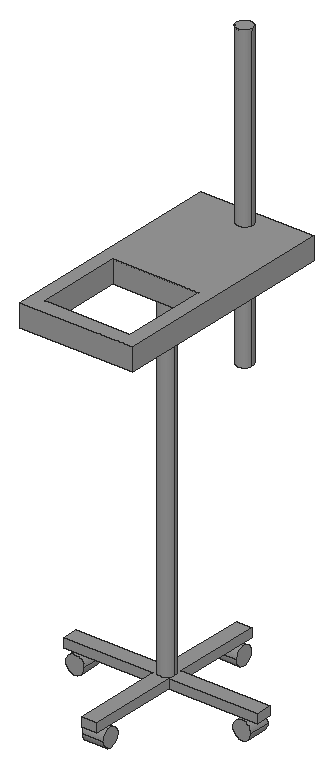
Revit family "AVLN_Подставка для стерилизационных коробок", category Мебель, Revit 2019
Family settings
  Номер OmniClass = 23.40.20.00
  Заголовок OmniClass = General Furniture and Specialties
  На основе рабочей плоскости = Нет
  Всегда вертикально = Да
  При загрузке вырезать с полостями = Нет
  Общий = Нет
  Точка расчета площади = Нет
Parameters (values of type "Подставка для стерилизацонных коробок")
  Подставка ширина = 250 mm
  Подставка длина = 500 mm
  Description = ""
  О1 = 35 mm  # constant formula
  М.основы = Металл, окрашенный, белый, матовый
  Type Comments = ""
  Keynote = ""
  Manufacturer = ""
  Группа модели = "Оборудование поликлиники"
  Высота штатива = 810 mm
  ADSK_Размер_Ширина = 430 mm
  ADSK_Размер_Длина = ADSK_Размер_Ширина  # 430 mm
  ADSK_Размер_Высота = 1250 mm
  ADSK_Примечание [instance] = ""
  ADSK_Обозначение = ""
  ADSK_Наименование = "Подставка для стерилизацонных коробок. Изготовлено из нержавеющей стали. 250х340х1250"
  ADSK_Масса = 0
  ADSK_Марка = ""
  ADSK_Код изделия = ""
  ADSK_Единица измерения = "шт"  # constant formula
Types (2, lengths in mm): name | ADSK_Размер_Высота
  (no name) | 1650
  Подставка для стерилизацонных коробок | 1250
Reference planes
  plane 1 "По центру (Вперед/Назад)": y = 0
  plane 2: z = 0
  plane 3 "По центру (Влево/Вправо)": x = 0
  plane 4: z = 1250
  plane 5: y = 215
  plane 6: x = 215
  plane 7: x = -215
  plane 8: y = -215
  plane 9: y = -185
  plane 10: z = 60
  plane 11: z = 810
  plane 12: y = -250
  plane 13: y = 250
  plane 14: x = -125
  plane 15: x = 125
Forms (mm)
  Extrusion 1, solid, material "Металл, окрашенный, белый, матовый" <- "М.основы"
    sketch origin (0, -518.993, 611.226) x (-1, 0, 0) y (0, -1, 0)
      loop
        line (17.5, -733.993) -> (17.5, -536.493) -> (215, -536.493) -> (215, -501.493) -> (17.5, -501.493) -> (17.5, -303.993) -> (-17.5, -303.993) -> (-17.5, -501.493) -> (-215, -501.493) -> (-215, -536.493) -> (-17.5, -536.493) -> (-17.5, -733.993) -> (17.5, -733.993)
    from -571.226 to -551.226
  Extrusion 2, solid, material "Металл, окрашенный, белый, матовый" <- "М.основы"
    sketch origin (0, -518.993, 592.976) x (-1, 0, 0) y (0, -1, 0)
      loop
        circle (0, -518.993) r 17.5
    from -532.976 to 217.024
  Extrusion 3, solid, material "Металл, окрашенный, белый, матовый" <- "М.основы"
    sketch origin (16.015, 0, 0) x (1, 0, 0) y (0, 0, 1)
      loop
        circle (168.985, 19.522) r 20
    from -22.984 to 22.984
  Extrusion 4, solid, material "Металл, окрашенный, белый, матовый" <- "М.основы"
    sketch origin (-353.985, 0, 0) x (1, 0, 0) y (0, 0, 1)
      loop
        circle (168.985, 19.522) r 20
    from -22.984 to 22.984
  Extrusion 5, solid, material "Металл, окрашенный, белый, матовый" <- "М.основы"
    sketch origin (0, -16.015, 0) x (0, -1, 0) y (0, 0, 1)
      loop
        circle (168.985, 19.522) r 20
    from -22.984 to 22.984
  Extrusion 6, solid, material "Металл, окрашенный, белый, матовый" <- "М.основы"
    sketch origin (0, 353.985, 0) x (0, -1, 0) y (0, 0, 1)
      loop
        circle (168.985, 19.522) r 20
    from -22.984 to 22.984
  Extrusion 7, solid, material "Металл, окрашенный, белый, матовый" <- "М.основы"
    sketch origin (0, -518.993, 592.976) x (-1, 0, 0) y (0, -1, 0)
      loop
        line (-125, -268.993) -> (-125, -768.993) -> (125, -768.993) -> (125, -268.993) -> (-125, -268.993)
      loop
        line (95, -488.993) -> (95, -298.993) -> (-95, -298.993) -> (-95, -488.993) -> (95, -488.993)
    from 217.024 to 267.024
  Extrusion 8, solid, material "Металл, окрашенный, белый, матовый" <- "М.основы"
    sketch origin (62.86, -313.388, 591.812) x (-1, 0, 0) y (0, -1, 0)
      loop
        circle (62.86, -528.388) r 17.5
    from -11.812 to 658.188
Dimensions and locks
  plane 2 to plane 4 = 1250 mm
  equal spacing: plane 8, plane 1 "По центру (Вперед/Назад)", plane 5
  equal spacing: plane 7, plane 3 "По центру (Влево/Вправо)", plane 6
  "ADSK_Размер_Длина": plane 7 to plane 6
  "ADSK_Размер_Ширина": plane 5 to plane 8
  "ADSK_Размер_Высота": plane 2 to plane 4
  locked: plane 9 to plane 8 at 30
  equal spacing: Extrusion 1 sketch curve, plane 1 "По центру (Вперед/Назад)", Extrusion 1 sketch curve  (x2)
  equal spacing: Extrusion 1 sketch curve, plane 3 "По центру (Влево/Вправо)", Extrusion 1 sketch curve  (x2)
  "О1": Extrusion 1 sketch curve to Extrusion 1 sketch curve  (x4)
  locked: plane 2 to plane 10 at 60
  locked: Extrusion 1 to plane 10 at 20
  equal spacing: Extrusion 3, plane 1 "По центру (Вперед/Назад)", Extrusion 3
  locked: Extrusion 3 to plane 6 at 10
  equal spacing: Extrusion 4, plane 1 "По центру (Вперед/Назад)", Extrusion 4
  locked: plane 7 to Extrusion 4 at 10
  equal spacing: Extrusion 5, plane 3 "По центру (Влево/Вправо)", Extrusion 5
  equal spacing: Extrusion 6, plane 3 "По центру (Влево/Вправо)", Extrusion 6
  locked: plane 5 to Extrusion 6 at 10
  locked: Extrusion 5 to plane 8 at 10
  "Высота штатива": plane 2 to plane 11
  "Подставка ширина": plane 14 to plane 15
  "Подставка длина": plane 13 to plane 12
  equal spacing: plane 14, plane 3 "По центру (Влево/Вправо)", plane 15
  equal spacing: plane 13, plane 1 "По центру (Вперед/Назад)", plane 12
  locked: Extrusion 7 sketch curve to Extrusion 7 sketch curve at 30  (x3)
  locked: Extrusion 7 sketch curve to plane 1 "По центру (Вперед/Назад)" at 30
  locked: plane 11 to Extrusion 7 at 50
  locked: Extrusion 8 to plane 11 at 230
  "О1": diameter of Extrusion 2 sketch curve
  "О1": diameter of Extrusion 8 sketch curve
  aligned and locked: level to plane 2
  aligned and locked: Extrusion 1 sketch curve to plane 5
  aligned and locked: plane 8 to Extrusion 1 sketch curve
  aligned and locked: plane 7 to Extrusion 1 sketch curve
  aligned and locked: Extrusion 1 sketch curve to plane 6
  aligned and locked: Extrusion 1 to plane 10
  aligned and locked: plane 3 "По центру (Влево/Вправо)" to Extrusion 2 sketch curve
  aligned and locked: plane 1 "По центру (Вперед/Назад)" to Extrusion 2 sketch curve
  aligned and locked: Extrusion 2 to plane 10
  aligned and locked: plane 11 to Extrusion 2
  aligned and locked: plane 12 to Extrusion 7 sketch curve
  aligned and locked: Extrusion 7 sketch curve to plane 15
  aligned and locked: Extrusion 7 sketch curve to plane 13
  aligned and locked: plane 14 to Extrusion 7 sketch curve
  aligned and locked: Extrusion 7 to Extrusion 2
  aligned and locked: plane 3 "По центру (Влево/Вправо)" to Extrusion 8 sketch curve
  aligned and locked: plane 5 to Extrusion 8 sketch curve
  aligned and locked: Extrusion 8 to plane 4
Automatic sketch dimensions
  Extrusion 3 sketch curve to plane 6 = 30 mm
  level to Extrusion 3 sketch curve = 19.522 mm
  plane 7 to Extrusion 4 sketch curve = 30 mm
  level to Extrusion 4 sketch curve = 19.522 mm
  Extrusion 5 sketch curve to plane 9 = 0 mm
  level to Extrusion 5 sketch curve = 19.522 mm
  Extrusion 6 sketch curve to plane 5 = 30 mm
  level to Extrusion 6 sketch curve = 19.522 mm
  radius of Extrusion 3 sketch curve = 20 mm
  radius of Extrusion 4 sketch curve = 20 mm
  radius of Extrusion 5 sketch curve = 20 mm
  radius of Extrusion 6 sketch curve = 20 mm
